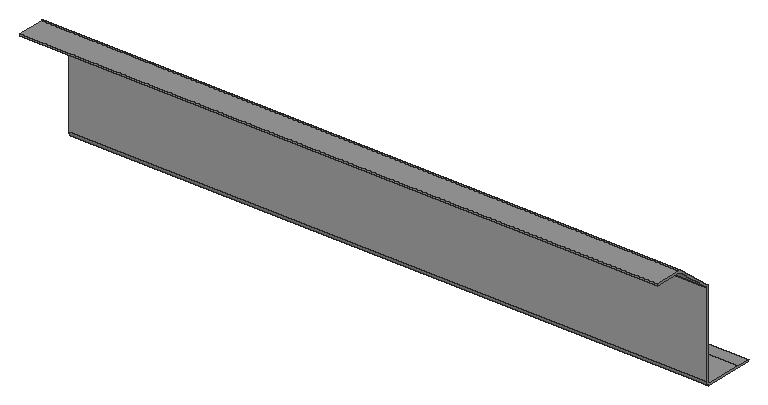
Revit family "B K 70", category Generic Models, Revit 2014
Parameters (values of type "Max lintel length 4800mm")
  URL = "http://www.keystonelintels.co.uk"
  Structural Opening [instance] = 900 mm
  Structural Performance = "The Keystone lintel range has safe working loads as detailed in each applicable loading table in the Keystone Lintel Guide brochure. The structural performance figures within each table have been ascertained by testing in accordance with the requirements of standards BS EN 5977-2: 1983 and BS EN 845-2: 2003."
  RIBA Productor Selector = "available for Keystone Lintels Ltd from Keystone Lintels Ltd from ribaproductselector.com"
  Model = "B/K 70"
  Min Length = 600 mm
  Min Clear Span = 300 mm
  Max Length = 4800 mm
  Max Clear Span = 4800 mm
  Material - Stainless Steel = "Grade 304 2b 1.4307 to BS EN 10088-2. Other grades available on request: contact manufacturer."
  Material - Galvanised Steel = "To BS EN 10346: 2009. DX51D plus Z600 or grade Z275 to BS 5977-2: 1983 (BS EN 845-2: 2003)."
  Manufacturer = "Keystone"
  Manufactured Length [instance] = (roundup(Effective Length / 150 mm) * 150 mm)  # 1200 mm
  Lintel height [instance] = 2100 mm
  Keynote = "F30/755"
  Fire Performance = "Keystone lintels have been subjected to a fire test (WARRES No. 101263) in accordance with BS 476-20: 1987, at Exova Warrington Fire and achieved a one hour fire performance."
  End Bearing = 150 mm
  Effective Length [instance] = Clear Opening with MIN MAX set + End Bearing * 2  # 1200 mm
  Corrosion = "Keystone’s standard range of lintels are manufactured from high quality grade pre-galvanized carbon steel with a zinc coating of 600"
  Contact Tel = "+44 (0)28 8676 2184"
  Contact Email = "info@keystonelintels.co.uk"
  Clear Opening with MIN MAX set [instance] = if(Structural Opening < Min Clear Span, Min Clear Span, (if(Structural Opening > Max Clear Span, Max Clear Span, Structural Opening)))  # 900 mm
  CPD Information = "Available for Keystone Lintels Ltd from ribacpd.com"
Reference planes
  plane 1 "Center (Front/Back)": y = 0
  plane 2: z = 0
  plane 3 "Center (Left/Right)": x = 0
  plane 4: x = -600
  plane 5: x = 600
  plane 6: z = 2100
  plane 7: x = -450
  plane 8: x = 450
Forms (mm)
  Extrusion 1, solid, material "Steel"
    sketch origin (0, 708.694, -498.166) x (0, 1, 0) y (0, 0, 1)
      loop
        line (-635.548, 2598.166) -> (-610.617, 2597.316) -> (-610.508, 2600.514) -> (-635.494, 2601.366) -> (-700.494, 2601.366)
        arc (-700.494, 2601.366) -> (-704.029, 2602.83) -> (-705.494, 2606.366) r 5
        line (-705.494, 2606.366) -> (-705.494, 2765.867)
        arc (-705.494, 2765.867) -> (-705.989, 2768.082) -> (-707.381, 2769.875) r 5.2
        line (-707.381, 2769.875) -> (-770.817, 2822.305)
        arc (-770.817, 2822.305) -> (-772.073, 2822.945) -> (-773.464, 2823.166) r 4.5
        line (-773.464, 2823.166) -> (-823.464, 2823.166) -> (-823.464, 2819.966) -> (-773.729, 2819.966)
        arc (-773.729, 2819.966) -> (-773.052, 2819.848) -> (-772.455, 2819.508) r 2
        line (-772.455, 2819.508) -> (-709.42, 2767.408)
        arc (-709.42, 2767.408) -> (-708.884, 2766.719) -> (-708.694, 2765.867) r 2
        line (-708.694, 2765.867) -> (-708.694, 2606.366)
        arc (-708.694, 2606.366) -> (-706.292, 2600.568) -> (-700.494, 2598.166) r 8.2
        line (-700.494, 2598.166) -> (-635.548, 2598.166)
    from -600 to 600
  Extrusion 2, solid, not visible
    sketch origin (0, 975.509, 841.156) x (0, 1, 0) y (0, 0, 1)
      loop
        line (-635.548, 998.166) -> (-610.617, 997.316) -> (-610.508, 1000.514) -> (-635.494, 1001.366) -> (-700.494, 1001.366)
        arc (-700.494, 1001.366) -> (-704.029, 1002.83) -> (-705.494, 1006.366) r 5
        line (-705.494, 1006.366) -> (-705.494, 1165.867)
        arc (-705.494, 1165.867) -> (-705.989, 1168.082) -> (-707.381, 1169.875) r 5.2
        line (-707.381, 1169.875) -> (-770.817, 1222.305)
        arc (-770.817, 1222.305) -> (-772.073, 1222.945) -> (-773.464, 1223.166) r 4.5
        line (-773.464, 1223.166) -> (-823.464, 1223.166) -> (-823.464, 1219.966) -> (-773.729, 1219.966)
        arc (-773.729, 1219.966) -> (-773.052, 1219.848) -> (-772.455, 1219.508) r 2
        line (-772.455, 1219.508) -> (-709.42, 1167.408)
        arc (-709.42, 1167.408) -> (-708.884, 1166.719) -> (-708.694, 1165.867) r 2
        line (-708.694, 1165.867) -> (-708.694, 1006.366)
        arc (-708.694, 1006.366) -> (-706.292, 1000.568) -> (-700.494, 998.166) r 8.2
        line (-700.494, 998.166) -> (-635.548, 998.166)
    from 0 to 250
Dimensions and locks
  equal spacing: plane 4, plane 3 "Center (Left/Right)", plane 5
  "Manufactured Length": plane 4 to plane 5
  "Lintel height": plane 6 to level
  "Structural Opening": plane 7 to plane 8
  equal spacing: plane 7, plane 3 "Center (Left/Right)", plane 8
  aligned and locked: level to plane 2
  aligned and locked: Extrusion 1 to plane 6
  aligned and locked: plane 5 to Extrusion 1
  aligned and locked: Extrusion 1 to plane 4
Automatic sketch dimensions
  Extrusion 1 sketch curve to Extrusion 1 sketch curve = 64.945 mm
  Extrusion 1 sketch curve to Extrusion 1 sketch curve = 24.931 mm
  Extrusion 1 sketch curve to Extrusion 1 sketch curve = 0.85 mm
  Extrusion 1 sketch curve to Extrusion 1 sketch curve = 0.109 mm
  Extrusion 1 sketch curve to Extrusion 1 sketch curve = 0.055 mm
  Extrusion 1 sketch curve to Extrusion 1 sketch curve = 5 mm
  Extrusion 1 sketch curve to Extrusion 1 sketch curve = 159.501 mm
  Extrusion 1 sketch curve to Extrusion 1 sketch curve = 0 mm  (x8)
  Extrusion 1 sketch curve to Extrusion 1 sketch curve = 2 mm
  Extrusion 1 sketch curve to Extrusion 1 sketch curve = 0.726 mm
  Extrusion 1 sketch curve to Extrusion 1 sketch curve = 2.039 mm
  Extrusion 1 sketch curve to Extrusion 1 sketch curve = 63.436 mm
  Extrusion 1 sketch curve to Extrusion 1 sketch curve = 52.43 mm
  Extrusion 1 sketch curve to Extrusion 1 sketch curve = 1.638 mm
  Extrusion 1 sketch curve to Extrusion 1 sketch curve = 2.798 mm
  Extrusion 1 sketch curve to Extrusion 1 sketch curve = 1.274 mm
  Extrusion 1 sketch curve to Extrusion 1 sketch curve = 1.542 mm
  Extrusion 1 sketch curve to Extrusion 1 sketch curve = 0.265 mm
  Extrusion 1 sketch curve to Extrusion 1 sketch curve = 0.7 mm
  Extrusion 1 sketch curve to Extrusion 1 sketch curve = 49.735 mm
  Extrusion 2 sketch curve to Extrusion 2 sketch curve = 64.945 mm
  Extrusion 2 sketch curve to Extrusion 2 sketch curve = 24.931 mm
  Extrusion 2 sketch curve to Extrusion 2 sketch curve = 0.85 mm
  Extrusion 2 sketch curve to Extrusion 2 sketch curve = 0.109 mm
  Extrusion 2 sketch curve to Extrusion 2 sketch curve = 0.055 mm
  Extrusion 2 sketch curve to Extrusion 2 sketch curve = 5 mm
  Extrusion 2 sketch curve to Extrusion 2 sketch curve = 159.501 mm
  Extrusion 2 sketch curve to Extrusion 2 sketch curve = 0 mm  (x8)
  Extrusion 2 sketch curve to Extrusion 2 sketch curve = 2 mm
  Extrusion 2 sketch curve to Extrusion 2 sketch curve = 0.726 mm
  Extrusion 2 sketch curve to Extrusion 2 sketch curve = 2.039 mm
  Extrusion 2 sketch curve to Extrusion 2 sketch curve = 63.436 mm
  Extrusion 2 sketch curve to Extrusion 2 sketch curve = 52.43 mm
  Extrusion 2 sketch curve to Extrusion 2 sketch curve = 1.638 mm
  Extrusion 2 sketch curve to Extrusion 2 sketch curve = 2.798 mm
  Extrusion 2 sketch curve to Extrusion 2 sketch curve = 1.274 mm
  Extrusion 2 sketch curve to Extrusion 2 sketch curve = 1.542 mm
  Extrusion 2 sketch curve to Extrusion 2 sketch curve = 0.265 mm
  Extrusion 2 sketch curve to Extrusion 2 sketch curve = 0.7 mm
  Extrusion 2 sketch curve to Extrusion 2 sketch curve = 49.735 mm
  Extrusion 1 sketch curve to plane 1 "Center (Front/Back)" = 0 mm
  Extrusion 1 sketch curve to plane 6 = 0 mm
